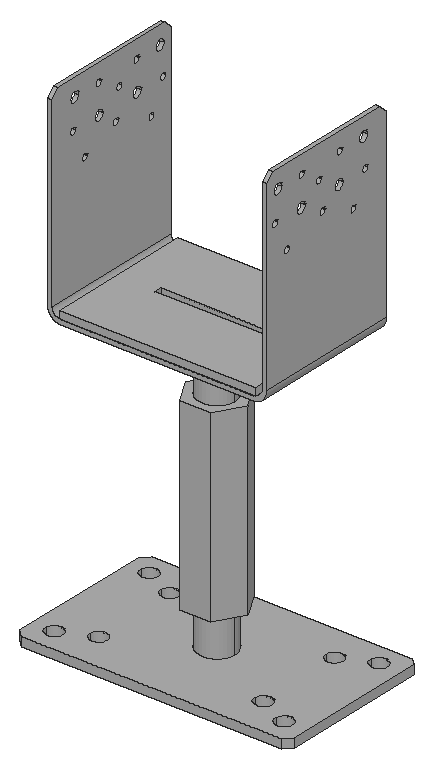
Revit family "ROTHOB_Rothoblaas_Plate_R80", category Structural Connections, host Face, Revit 2022
Family settings
  Host = Face
  Material for Model Behavior = Steel
  OmniClass Number = 23.13.23.11.19.13
  Enable cutting in views = Yes
  Cut with Voids When Loaded = No
  Shared = No
Parameters (values of type "R80100L_185x110x369mm")
  WarrantyStartDate [instance] = ""
  WarrantyGuarantorParts = "n/a"
  WarrantyGuarantorLabor = "n/a"
  WarrantyDurationUnit = "n/a"
  WarrantyDurationParts = "n/a"
  WarrantyDurationLabor = "n/a"
  WarrantyDescription = "n/a"
  Version = "001"  # constant formula
  UniClass2015Version = "Products v1.38"  # constant formula
  UniClass2015Title = "Adjustable post bases"  # constant formula
  UniClass2015Code = "Pr_20_76_64_01"  # constant formula
  Tipo IFC predefinito = "USERDEFINED"
  SustainabilityPerformance = "n/a"
  Size = "185x110x369 mm"  # constant formula
  Shape = "Three-dimensional"  # constant formula
  Revision = "000"  # constant formula
  ReplacementCost = "n/a"
  ObjectMaterial = ROTHOB_Rothoblaas_CarbonSteel_S235_DACCOAT
  NominalLength = Length_L  # 110.00 mm
  HoleQuantity_nvØ7.5mm = 8  # constant formula
  HoleQuantity_nhØ12mm = 8  # constant formula
  Height_H [instance] = HeightPosition_Ctrl + 139.00 mm  # 339.00 mm
  HeightPosition_Ctrl [instance] = if(HeightPosition < 170.00 mm, 170.00 mm, if(HeightPosition > 230.00 mm, 230.00 mm, HeightPosition))  # 200.00 mm
  HeightPosition [instance] = 200.00 mm
  GTIN = "8059386079942"
  Description = "Adjustable post base"  # constant formula
  Default Elevation = 1219.20 mm
  ProductInformation = "www.rothoblaas.com/products/fastening/brackets-and-plates/post-bases/r80"
  OmniClassVersion = "2012-05-16"  # constant formula
  OmniClassTitle = "Wood Connectors"  # constant formula
  OmniClassCode = "23-13 23 11 19 13"  # constant formula
  NominalWidth = Width_B  # 185.00 mm
  NominalHeight [instance] = Height_H  # 339.00 mm
  InstallationDate [instance] = ""
  HoleQuantity_nvØ5mm = 16  # constant formula
  Name = "Plate"  # constant formula
  ModelReference = "n/a"  # constant formula
  ModelNumber = "R80100L"  # constant formula
  ModelDisclaimer = "The latest version of the data sheets can be found on our website"  # constant formula
  MinWeight = "3.605 kg"  # constant formula
  Material = "S235 Carbon steel with DAC COAT coating"  # constant formula
  ManufacturerURL = "www.rothoblaas.com"
  ManufacturerName = "ROTHO BLAAS SRL"  # constant formula
  Manufacturer = "info@rothoblaas.com"
  Manufacturer_x = "info@rothoblaas.com"
  IfcExportType = "USERDEFINED"
  IfcExportAs = "IfcDiscreteAccessoryType"
  ICC-ESTitle = "n/a"  # constant formula
  ICC-ESCode = "DrJ Listing 2406-121"  # constant formula
  Width_B = 185.00 mm  # constant formula
  Grade = "n/a"  # constant formula
  Finish = "DAC COAT coating"  # constant formula
  Features = "Support for timber columns and post bases as bearing elements"  # constant formula
  ExpectedLife = "50"  # constant formula
  Esporta tipo in formato IFC con nome = "IfcDiscreteAccessoryType"
  DurationUnit = "Years"  # constant formula
  Length_L = 110.00 mm  # constant formula
  Constituents = "n/a"  # constant formula
  ColumnHeightPosition [instance] = HeightPosition_Ctrl + 8.00 mm  # 208.00 mm
  Color = "Grey"  # constant formula
  CodePerformance = "n/a"  # constant formula
  CentralElementHP [instance] = ((HeightPosition_Ctrl - 200.00 mm) / 2) + 96.00 mm  # 96.00 mm
  Category = "Pr_20_76_64_01 - Adjustable post bases"  # constant formula
  CETitle = "n/a"  # constant formula
  CECode = "n/a"  # constant formula
  BIMObjectName = "ROTHOB_Rothoblaas_Plate_R80"  # constant formula
  Author = "Augusto Meorali"  # constant formula
  AssetType = "Fixed"  # constant formula
  AccessibilityPerformance = "n/a"  # constant formula
Reference planes
  plane 1 "Centro (Fronte/Retro)": y = 0
  plane 2: z = 0
  plane 3 "Centro (Sinistra/Destra)": x = 0
  plane 4: x = -92.5
  plane 5: x = 92.5
  plane 6: y = 55
  plane 7: y = -55
  plane 8: x = -87.5
  plane 9: x = 87.5
  plane 10: y = 50
  plane 11: y = -50
  plane 12: x = -77.5
  plane 13: x = -55.5
  plane 14: x = 55.5
  plane 15: x = 77.5
  plane 16: y = -40
  plane 17: y = 40
  plane 18: y = -30
  plane 19: y = 30
  plane 20: z = 6
  plane 21: z = 33
  plane 22: z = 159
  plane 23: z = 181
  plane 24: z = 200
  plane 25: z = 203
  plane 26: z = 208
  plane 27: z = 209
  plane 28: z = 339
  plane 29: z = 334
  plane 30: z = 3
  plane 31: z = 75
  plane 32: z = 117
  plane 33: z = 96
  plane 34: x = -74
  plane 35: x = -71
  plane 36: x = 71
  plane 37: x = 74
  plane 38: x = -65
  plane 39: x = 65
  plane 40: x = -66
  plane 41: x = 66
  plane 42: y = -45
  plane 43: y = 45
  plane 44: y = 41
  plane 45: y = -31
  plane 46: y = 21.5
  plane 47: y = 33.5
  plane 48: y = 43.5
  plane 49: y = -10.5
  plane 50: y = -32.5
  plane 51: y = 21
  plane 52: y = -11
  plane 53: y = 6.5
  plane 54: y = 3.5
  plane 55: y = -22.5
  plane 56: z = 327
  plane 57: z = 317
  plane 58: z = 307
  plane 59: z = 297
  plane 60: z = 287
  plane 61: y = 10.5
  plane 62: y = 22.5
  plane 63: y = 32.5
  plane 64: y = 31
  plane 65: y = 11
  plane 66: y = -43.5
  plane 67: y = -41
  plane 68: y = -33.5
  plane 69: y = -21
  plane 70: y = -21.5
  plane 71: y = -3.5
  plane 72: y = -6.5
Forms (mm)
  Extrusion 1, solid, material "ROTHOB_Rothoblaas_CarbonSteel_S235_DACCOAT" <- "ObjectMaterial"
    sketch origin (0, 0, 0) x (1, 0, 0) y (0, 1, 0)
      loop
        line (-87.5, 55) -> (-92.5, 50) -> (-92.5, -50) -> (-87.5, -55) -> (87.5, -55) -> (92.5, -50) -> (92.5, 50) -> (87.5, 55) -> (-87.5, 55)
      loop
        circle (0, 0) r 12.5
      loop
        circle (-55.5, 30) r 6
      loop
        circle (-77.5, 40) r 6
      loop
        circle (-77.5, -40) r 6
      loop
        circle (-55.5, -30) r 6
      loop
        circle (55.5, -30) r 6
      loop
        circle (77.5, -40) r 6
      loop
        circle (55.5, 30) r 6
      loop
        circle (77.5, 40) r 6
    from 0 to 6
  Extrusion 2, solid, material "ROTHOB_Rothoblaas_CarbonSteel_S235_DACCOAT" <- "ObjectMaterial"
    sketch origin (0, 0, 0) x (1, 0, 0) y (0, 1, 0)
      loop
        circle (0, 0) r 12
    from 3 to 75
  Extrusion 3, solid, material "ROTHOB_Rothoblaas_CarbonSteel_S235_DACCOAT" <- "ObjectMaterial"
    sketch origin (12.5, -12.5, 0) x (1, 0, 0) y (0, 1, 0)
      loop
        circle (-12.5, 12.5) r 12
    from 117 to 200
  Extrusion 4, solid, material "ROTHOB_Rothoblaas_CarbonSteel_S235_DACCOAT" <- "ObjectMaterial"
    sketch origin (0, 0, 0) x (1, 0, 0) y (0, 1, 0)
      loop
        circle (0, 0) r 12.5
      loop
        line (20.785, 0) -> (10.393, 18) -> (-10.392, 18) -> (-20.785, 0) -> (-10.392, -18) -> (10.393, -18) -> (20.785, 0)
    from 33 to 159
  Extrusion 5, solid, material "ROTHOB_Rothoblaas_CarbonSteel_S235_DACCOAT" <- "ObjectMaterial"
    sketch origin (0, 0, 0) x (1, 0, 0) y (0, 1, 0)
      loop
        circle (0, 0) r 12
      loop
        line (18, -10.392) -> (18, 10.392) -> (0, 20.785) -> (-18, 10.392) -> (-18, -10.392) -> (0, -20.785) -> (18, -10.392)
    from 181 to 200
  Extrusion 6, solid, material "ROTHOB_Rothoblaas_CarbonSteel_S235_DACCOAT" <- "ObjectMaterial"
    sketch origin (0, 0, 0) x (1, 0, 0) y (0, 0, 1)
      loop
        line (-74, 339) -> (-74, 209)
        arc (-74, 209) -> (-71.364, 202.636) -> (-65, 200) r 9
        line (-65, 200) -> (65, 200)
        arc (65, 200) -> (71.364, 202.636) -> (74, 209) r 9
        line (74, 209) -> (74, 339) -> (71, 339) -> (71, 209)
        arc (71, 209) -> (69.243, 204.757) -> (65, 203) r 6
        line (65, 203) -> (-65, 203)
        arc (-65, 203) -> (-69.243, 204.757) -> (-71, 209) r 6
        line (-71, 209) -> (-71, 339) -> (-74, 339)
    from -50 to 50
  Extrusion 7, void
    sketch origin (0, 0, 0) x (0, 1, 0) y (0, 0, 1)
      loop
        line (-45, 339) -> (-50, 339) -> (-50, 334) -> (-45, 339)
      loop
        line (45, 339) -> (50, 334) -> (50, 339) -> (45, 339)
    from -92.5 to 92.5
  Extrusion 8, void
    sketch origin (0, 0, 0) x (0, 1, 0) y (0, 0, 1)
      loop
        circle (41, 327) r 3.75
      loop
        circle (21.5, 307) r 3.75
      loop
        circle (-10.5, 307) r 3.75
      loop
        circle (-31, 327) r 3.75
      loop
        circle (33.5, 287) r 2.5
      loop
        circle (43.5, 307) r 2.5
      loop
        circle (3.5, 297) r 2.5
      loop
        circle (6.5, 317) r 2.5
      loop
        circle (21, 327) r 2.5
      loop
        circle (-11, 327) r 2.5
      loop
        circle (-22.5, 287) r 2.5
      loop
        circle (-32.5, 307) r 2.5
    from -92.5 to 0
  Extrusion 9, void
    sketch origin (0, 0, 0) x (0, 1, 0) y (0, 0, 1)
      loop
        circle (-41, 327) r 3.75
      loop
        circle (-21.5, 307) r 3.75
      loop
        circle (10.5, 307) r 3.75
      loop
        circle (31, 327) r 3.75
      loop
        circle (32.5, 307) r 2.5
      loop
        circle (22.5, 287) r 2.5
      loop
        circle (11, 327) r 2.5
      loop
        circle (-6.5, 317) r 2.5
      loop
        circle (-3.5, 297) r 2.5
      loop
        circle (-21, 327) r 2.5
      loop
        circle (-33.5, 287) r 2.5
      loop
        circle (-43.5, 307) r 2.5
    from 0 to 92.5
  Extrusion 10, solid, material "ROTHOB_Rothoblaas_CarbonSteel_S235_DACCOAT" <- "ObjectMaterial"
    sketch origin (0, 0, 0) x (1, 0, 0) y (0, 1, 0)
      loop
        line (-66, 50) -> (-66, -50) -> (66, -50) -> (66, 50) -> (-66, 50)
      loop
        line (-40, 2.5) -> (-40, -2.5) -> (40, -2.5) -> (40, 2.5) -> (-40, 2.5)
    from 203 to 208
Cuts and joins
  Extrusion 7, Extrusion 8, Extrusion 9 cuts Extrusion 6
Dimensions and locks
  equal spacing: host sketch curve, plane 3 "Centro (Sinistra/Destra)", host sketch curve
  host sketch curve to host sketch curve = 205.874 mm
  equal spacing: host sketch curve, plane 1 "Centro (Fronte/Retro)", host sketch curve
  host sketch curve to host sketch curve = 144.113 mm
  equal spacing: plane 4, plane 3 "Centro (Sinistra/Destra)", plane 5
  "Width_B": plane 4 to plane 5
  equal spacing: plane 6, plane 1 "Centro (Fronte/Retro)", plane 7
  "Length_L": plane 6 to plane 7
  plane 11 to plane 7 = 5.00 mm
  plane 6 to plane 10 = 5.00 mm
  plane 9 to plane 5 = 5.00 mm
  plane 4 to plane 8 = 5.00 mm
  plane 17 to plane 19 to plane 1 "Centro (Fronte/Retro)" to plane 18 to plane 16 = 10.00 mm, 30.00 mm, 30.00 mm, 10.00 mm
  plane 12 to plane 13 to plane 3 "Centro (Sinistra/Destra)" to plane 14 to plane 15 = 22.00 mm, 55.50 mm, 55.50 mm, 22.00 mm
  plane 20 to level = 6.00 mm
  plane 30 to level = 3.00 mm
  plane 31 to plane 30 = 72.00 mm
  "HeightPosition_Ctrl": plane 24 to level
  plane 24 to plane 32 = 83.00 mm
  plane 24 to plane 23 = 19.00 mm
  plane 28 to plane 29 to plane 27 to plane 26 to plane 25 to plane 24 = 5.00 mm, 125.00 mm, 1.00 mm, 5.00 mm, 3.00 mm
  equal spacing: plane 22, plane 33, plane 21
  plane 22 to plane 21 = 126.00 mm
  plane 37 to plane 36 to plane 39 to plane 3 "Centro (Sinistra/Destra)" to plane 38 to plane 35 to plane 34 = 3.00 mm, 6.00 mm, 65.00 mm, 65.00 mm, 6.00 mm, 3.00 mm
  equal spacing: plane 40, plane 3 "Centro (Sinistra/Destra)", plane 41
  plane 40 to plane 41 = 132.00 mm
  plane 10 to plane 43 = 5.00 mm
  plane 42 to plane 11 = 5.00 mm
  plane 28 to plane 29 to plane 56 to plane 57 to plane 58 to plane 59 to plane 60 = 5.00 mm, 7.00 mm, 10.00 mm, 10.00 mm, 10.00 mm, 10.00 mm
  plane 48 to plane 44 to plane 47 to plane 46 to plane 51 to plane 53 to plane 54 to plane 1 "Centro (Fronte/Retro)" to plane 49 to plane 52 to plane 55 to plane 45 to plane 50 = 2.50 mm, 7.50 mm, 12.00 mm, 0.50 mm, 14.50 mm, 3.00 mm, 3.50 mm, 10.50 mm, 0.50 mm, 11.50 mm, 8.50 mm, 1.50 mm
  plane 66 to plane 67 to plane 68 to plane 70 to plane 69 to plane 72 to plane 71 to plane 1 "Centro (Fronte/Retro)" to plane 61 to plane 65 to plane 62 to plane 64 to plane 63 = 2.50 mm, 7.50 mm, 12.00 mm, 0.50 mm, 14.50 mm, 3.00 mm, 3.50 mm, 10.50 mm, 0.50 mm, 11.50 mm, 8.50 mm, 1.50 mm
  "CentralElementHP": plane 33 to level
  diameter of Extrusion 2 sketch curve = 24.00 mm
  diameter of Extrusion 1 sketch curve = 12.00 mm  (x8)
  diameter of Extrusion 1 sketch curve = 25.00 mm
  diameter of Extrusion 3 sketch curve = 24.00 mm
  radius of Extrusion 6 sketch curve = 6.00 mm  (x2)
  radius of Extrusion 6 sketch curve = 9.00 mm  (x2)
  diameter of Extrusion 8 sketch curve = 7.50 mm  (x4)
  diameter of Extrusion 8 sketch curve = 5.00 mm  (x8)
  diameter of Extrusion 9 sketch curve = 7.50 mm  (x4)
  diameter of Extrusion 9 sketch curve = 5.00 mm  (x8)
  aligned and locked: plane 2 to host face
  aligned and locked: level to host face
  aligned and locked: plane 10 to Extrusion 1 sketch curve  (x2)
  aligned and locked: plane 11 to Extrusion 1 sketch curve  (x2)
  aligned and locked: plane 8 to Extrusion 1 sketch curve  (x2)
  aligned and locked: plane 9 to Extrusion 1 sketch curve  (x2)
  aligned and locked: Extrusion 1 sketch curve to plane 6
  aligned and locked: plane 4 to Extrusion 1 sketch curve
  aligned and locked: plane 7 to Extrusion 1 sketch curve
  aligned and locked: Extrusion 1 sketch curve to plane 5
  aligned and locked: plane 3 "Centro (Sinistra/Destra)" to Extrusion 1 sketch curve
  aligned and locked: plane 1 "Centro (Fronte/Retro)" to Extrusion 1 sketch curve
  aligned and locked: plane 12 to Extrusion 1 sketch curve  (x2)
  aligned and locked: plane 17 to Extrusion 1 sketch curve  (x2)
  aligned and locked: plane 19 to Extrusion 1 sketch curve  (x2)
  aligned and locked: plane 13 to Extrusion 1 sketch curve  (x2)
  aligned and locked: plane 18 to Extrusion 1 sketch curve  (x2)
  aligned and locked: plane 16 to Extrusion 1 sketch curve  (x2)
  aligned and locked: plane 14 to Extrusion 1 sketch curve  (x2)
  aligned and locked: plane 15 to Extrusion 1 sketch curve  (x2)
  aligned and locked: Extrusion 1 to plane 2
  aligned and locked: plane 20 to Extrusion 1
  aligned and locked: plane 3 "Centro (Sinistra/Destra)" to Extrusion 2 sketch curve
  aligned and locked: plane 1 "Centro (Fronte/Retro)" to Extrusion 2 sketch curve
  aligned and locked: Extrusion 2 to plane 30
  aligned and locked: plane 31 to Extrusion 2
  aligned and locked: plane 3 "Centro (Sinistra/Destra)" to Extrusion 3 sketch curve
  aligned and locked: plane 1 "Centro (Fronte/Retro)" to Extrusion 3 sketch curve
  aligned and locked: Extrusion 3 to plane 32
  aligned and locked: plane 24 to Extrusion 3
  aligned and locked: plane 3 "Centro (Sinistra/Destra)" to Extrusion 4 sketch curve
  aligned and locked: plane 1 "Centro (Fronte/Retro)" to Extrusion 4 sketch curve
  aligned and locked: Extrusion 4 to plane 21
  aligned and locked: plane 22 to Extrusion 4
  aligned and locked: Extrusion 5 to plane 23
  aligned and locked: plane 24 to Extrusion 5
  aligned and locked: plane 27 to Extrusion 6 sketch curve  (x7)
  aligned and locked: plane 39 to Extrusion 6 sketch curve  (x3)
  aligned and locked: plane 38 to Extrusion 6 sketch curve  (x3)
  aligned and locked: Extrusion 6 sketch curve to plane 28
  aligned and locked: plane 28 to Extrusion 6 sketch curve
  aligned and locked: Extrusion 6 sketch curve to plane 36
  aligned and locked: plane 37 to Extrusion 6 sketch curve
  aligned and locked: plane 34 to Extrusion 6 sketch curve
  aligned and locked: Extrusion 6 sketch curve to plane 35
  aligned and locked: Extrusion 6 sketch curve to plane 24
  aligned and locked: Extrusion 6 to plane 11
  aligned and locked: plane 10 to Extrusion 6
  aligned and locked: plane 29 to Extrusion 7 sketch curve  (x2)
  aligned and locked: plane 42 to Extrusion 7 sketch curve
  aligned and locked: Extrusion 7 sketch curve to plane 28
  aligned and locked: plane 11 to Extrusion 7 sketch curve
  aligned and locked: plane 43 to Extrusion 7 sketch curve
  aligned and locked: plane 28 to Extrusion 7 sketch curve
  aligned and locked: plane 10 to Extrusion 7 sketch curve
  aligned and locked: Extrusion 7 to plane 4
  aligned and locked: plane 5 to Extrusion 7
  aligned and locked: plane 56 to Extrusion 8 sketch curve  (x4)
  aligned and locked: plane 45 to Extrusion 8 sketch curve
  aligned and locked: plane 44 to Extrusion 8 sketch curve
  aligned and locked: plane 58 to Extrusion 8 sketch curve  (x4)
  aligned and locked: plane 46 to Extrusion 8 sketch curve
  aligned and locked: plane 49 to Extrusion 8 sketch curve
  aligned and locked: plane 50 to Extrusion 8 sketch curve
  aligned and locked: plane 60 to Extrusion 8 sketch curve  (x2)
  aligned and locked: plane 55 to Extrusion 8 sketch curve
  aligned and locked: plane 52 to Extrusion 8 sketch curve
  aligned and locked: plane 51 to Extrusion 8 sketch curve
  aligned and locked: plane 57 to Extrusion 8 sketch curve
  aligned and locked: plane 53 to Extrusion 8 sketch curve
  aligned and locked: plane 54 to Extrusion 8 sketch curve
  aligned and locked: plane 59 to Extrusion 8 sketch curve
  aligned and locked: plane 47 to Extrusion 8 sketch curve
  aligned and locked: plane 48 to Extrusion 8 sketch curve
  aligned and locked: plane 3 "Centro (Sinistra/Destra)" to Extrusion 8
  aligned and locked: Extrusion 8 to plane 4
  aligned and locked: plane 56 to Extrusion 9 sketch curve  (x4)
  aligned and locked: plane 67 to Extrusion 9 sketch curve
  aligned and locked: plane 58 to Extrusion 9 sketch curve  (x4)
  aligned and locked: plane 66 to Extrusion 9 sketch curve
  aligned and locked: plane 68 to Extrusion 9 sketch curve
  aligned and locked: plane 60 to Extrusion 9 sketch curve  (x2)
  aligned and locked: plane 62 to Extrusion 9 sketch curve
  aligned and locked: plane 63 to Extrusion 9 sketch curve
  aligned and locked: plane 64 to Extrusion 9 sketch curve
  aligned and locked: plane 65 to Extrusion 9 sketch curve
  aligned and locked: plane 61 to Extrusion 9 sketch curve
  aligned and locked: plane 71 to Extrusion 9 sketch curve
  aligned and locked: plane 59 to Extrusion 9 sketch curve
  aligned and locked: plane 70 to Extrusion 9 sketch curve
  aligned and locked: plane 72 to Extrusion 9 sketch curve
  aligned and locked: plane 57 to Extrusion 9 sketch curve
  aligned and locked: plane 69 to Extrusion 9 sketch curve
  aligned and locked: Extrusion 9 to plane 3 "Centro (Sinistra/Destra)"
  aligned and locked: plane 5 to Extrusion 9
  aligned and locked: plane 40 to Extrusion 10 sketch curve
  aligned and locked: Extrusion 10 sketch curve to plane 10
  aligned and locked: plane 11 to Extrusion 10 sketch curve
  aligned and locked: Extrusion 10 sketch curve to plane 41
  aligned and locked: Extrusion 10 to plane 25
  aligned and locked: plane 26 to Extrusion 10
Automatic sketch dimensions
  plane 1 "Centro (Fronte/Retro)" to Extrusion 4 sketch curve = 0.00 mm  (x2)
  Extrusion 4 sketch curve to plane 3 "Centro (Sinistra/Destra)" = 10.392 mm  (x2)
  Extrusion 4 sketch curve to Extrusion 4 sketch curve = 10.392 mm
  Extrusion 4 sketch curve to Extrusion 4 sketch curve = 10.393 mm
  plane 3 "Centro (Sinistra/Destra)" to Extrusion 4 sketch curve = 10.393 mm  (x2)
  plane 18 to Extrusion 4 sketch curve = 12.00 mm
  Extrusion 4 sketch curve to plane 19 = 12.00 mm
  Extrusion 5 sketch curve to plane 3 "Centro (Sinistra/Destra)" = 0.00 mm  (x3)
  plane 1 "Centro (Fronte/Retro)" to Extrusion 5 sketch curve = 0.00 mm
  plane 18 to Extrusion 5 sketch curve = 9.215 mm
  Extrusion 5 sketch curve to plane 1 "Centro (Fronte/Retro)" = 10.392 mm  (x2)
  Extrusion 5 sketch curve to plane 3 "Centro (Sinistra/Destra)" = 18.00 mm
  plane 3 "Centro (Sinistra/Destra)" to Extrusion 5 sketch curve = 18.00 mm
  plane 1 "Centro (Fronte/Retro)" to Extrusion 5 sketch curve = 10.392 mm  (x2)
  Extrusion 5 sketch curve to plane 19 = 9.215 mm
  Extrusion 6 sketch curve to plane 39 = 0.00 mm
  plane 54 to Extrusion 10 sketch curve = 1.00 mm
  plane 13 to Extrusion 10 sketch curve = 15.50 mm
  Extrusion 10 sketch curve to plane 14 = 15.50 mm
  plane 71 to Extrusion 10 sketch curve = 1.00 mm
  radius of Extrusion 4 sketch curve = 12.50 mm
  radius of Extrusion 5 sketch curve = 12.00 mm
